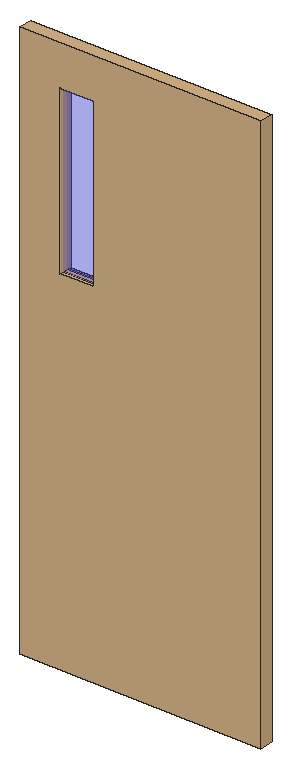
Revit family "0055_M_DR_W_single-flush vision_no trim", category 문, Revit 2026
Family settings
  호스트 = 벽
  항상 수직 = 예
  로드될 때 보이드를 사용하여 절단 = 아니오
  공유 = 아니오
  룸 계산 점 = 아니오
Parameters (values of type "36" x 84"")
  두께 = 0' - 2"
  조합 코드 = "C1020"
  기능 = 내부
  Door Material = Door - Panel
  Frame Material = Door - Frame
  Height = 7' - 0"
  Lite Height = 2' - 1"
  Lite Width = 0' - 5"
  Side Rail = 0' - 6"
  Top Rail = 0' - 6"
  벽 마무리 = 호스트별
  Width = 3' - 0"
Types (7): name | 두께 | 조합 코드 | Height | Lite Width | Side Rail | Top Rail | Width
  36" x 84" | 0' - 2" | "C1020" | 7' - 0" | 0' - 5" | 0' - 6" | 0' - 6" | 3' - 0"
  32" x 84" | 0' - 2" | "C1020" | 7' - 0" | 0' - 5" | 0' - 6" | 0' - 6" | 2' - 8"
  30" x 84" | 0' - 2" | "C1020" | 7' - 0" | 0' - 5" | 0' - 6" | 0' - 6" | 2' - 6"
  30" x 80" | 0' - 2" | "C1020" | 6' - 8" | 0' - 5" | 0' - 6" | 0' - 6" | 2' - 6"
  36" x 80" | 0' - 2" | "C1020" | 6' - 8" | 0' - 5" | 0' - 6" | 0' - 6" | 3' - 0"
  24" x 82" | 0' - 2" | "C1020" | 6' - 10" | 0' - 5" | 0' - 6" | 0' - 6" | 2' - 0"
  0915 x 2134mm | 0' - 1 31/32" | 0' - 0" | 7' - 0 1/64" | 0' - 4 59/64" | 0' - 5 29/32" | 0' - 5 29/32" | 3' - 0 3/128"
Reference planes (in)
  plane 1: y = 0
  plane 2: z = 0
  plane 3: x = 0
  plane 4: x = -18
  plane 5: x = 18
  plane 6: z = 84
  plane 7: x = -12
  plane 8: x = -7
  plane 9: z = 78
  plane 10: z = 53
Forms (in)
  Extrusion 1, solid, material "Door - Panel" <- "Door Material"
    sketch origin (-60, -3, 0) x (1, 0, 0) y (0, 0, 1)
      loop
        line (78, 84) -> (42, 84) -> (42, 0) -> (78, 0) -> (78, 84)
      loop
        line (53, 78) -> (48, 78) -> (48, 53) -> (53, 53) -> (53, 78)
    from -6 to -4
  Extrusion 2, solid, material "Glass"
    sketch origin (-60, 1, 0) x (1, 0, 0) y (0, 0, 1)
      loop
        line (53, 78) -> (48, 78) -> (48, 53) -> (53, 53) -> (53, 78)
    from -1.5 to -1.25
  Extrusion 3, solid, material "Glass"
    sketch origin (-60, 1, 0) x (1, 0, 0) y (0, 0, 1)
      loop
        line (48, 78) -> (48, 53) -> (53, 53) -> (53, 78) -> (48, 78)
    from -0.75 to -0.5
Lines and regions (in)
  Opening 1
    outline origin (-60, -3, 144) x (0, 0, -1) y (1, 0, 0)
      loop
        line (60, 42) -> (144, 42) -> (144, 78) -> (60, 78) -> (60, 42)
  symbolic lines, style "Plan Swing"
    curve 1: arc (18, 39, 0) -> (-7.45584, 28.45584, 0) -> (-18, 3, 0) r 36
  symbolic lines, style "DoorsPanelProjection"
    curve 2: line (18, 3, 0) -> (16, 3, 0)
    curve 3: line (18, 3, 0) -> (18, 39, 0)
    curve 4: line (18, 39, 0) -> (16, 39, 0)
    curve 5: line (16, 3, 0) -> (16, 39, 0)
  symbolic lines, style "Elevation Swing"
    curve 6: line (-18, 0, 84) -> (18, 0, 42)
    curve 7: line (18, 0, 42) -> (-18, 0, 0)
Dimensions and locks (in)
  equal spacing: plane 4, plane 3, plane 5
  "Width": plane 4 to plane 5
  host wall to curve 1 = 0' - 0"
  "Height": plane 6 to plane 2
  Extrusion 1 to Extrusion 2 to Extrusion 2 to Extrusion 3 to Extrusion 3 = 0' - 0 1/2" locked, 0' - 0 1/4" locked, 0' - 0 1/2" locked, 0' - 0 1/4" locked
  "두께": Extrusion 1 to Extrusion 1
  "Lite Width": plane 7 to plane 8
  "Side Rail": plane 4 to plane 7
  "Lite Height": plane 9 to plane 10
  "Top Rail": plane 6 to plane 9
  "두께": curve 5 to plane 5
  equal spacing: plane 6, curve 7, level
  aligned and locked: plane 5 to Extrusion 1 sketch curve
  aligned and locked: Extrusion 1 sketch curve to plane 6
  aligned and locked: plane 4 to Extrusion 1 sketch curve
  aligned and locked: plane 8 to Extrusion 1 sketch curve
  aligned and locked: Extrusion 1 sketch curve to plane 9
  aligned and locked: plane 10 to Extrusion 1 sketch curve
  aligned and locked: plane 7 to Extrusion 1 sketch curve
  aligned and locked: Extrusion 2 sketch curve to Extrusion 1  (x4)
  aligned and locked: plane 7 to Extrusion 3 sketch curve
  aligned and locked: plane 9 to Extrusion 3 sketch curve
  aligned and locked: Extrusion 3 sketch curve to Extrusion 1  (x2)
  aligned and locked: host wall to Extrusion 1
Automatic sketch dimensions
  Opening 1 sketch curve to plane 6 = 0' - 0"
  Opening 1 sketch curve to level = 0' - 0"
  Opening 1 sketch curve to plane 4 = 0' - 0"
  Opening 1 sketch curve to plane 5 = 0' - 0"
  curve 1 to plane 4 = 0' - 0"
  curve 3 to plane 5 = 0' - 0"
  curve 3 to curve 1 = 0' - 0"
  curve 6 to plane 4 = 0' - 0"
  curve 6 to plane 6 = 0' - 0"
  curve 7 to plane 5 = 0' - 0"
  curve 7 to level = 0' - 0"
  curve 7 to plane 4 = 0' - 0"
